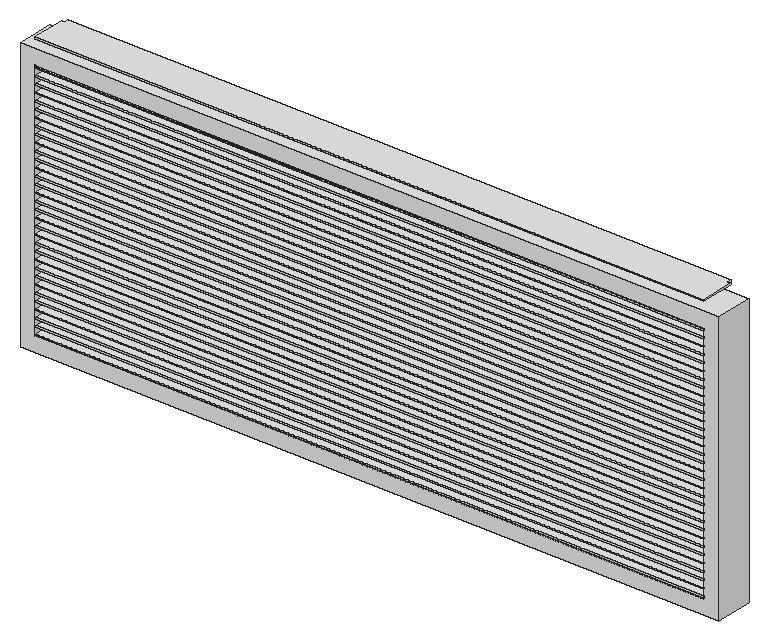
Revit family "CUBE_Решетка_РРП_Вытяжная_Эра", category Воздухораспределители, Revit 2021
Family settings
  Размер круглого соединителя = Использовать диаметр
  Тип детали = Нормальный
  Номер OmniClass = 23.75.70.21.27.11
  Заголовок OmniClass = Diffusers, Registers, and Grilles
  На основе рабочей плоскости = Нет
  Всегда вертикально = Да
  При загрузке вырезать с полостями = Нет
  Общий = Да
  Точка принадлежности помещению = Да
Parameters (values of type "фасадная решетка 900х400")
  Тип крепежа = ""
  СО_Тип, марка, обозначение документа, опросного листа = "2030РРП"
  СО_Поставщик = "«ЭРА»"  # constant formula
  СО_Наименование и техническая характеристика = "Решетка вентиляционная с регулируемым живым сечением, разъемная"  # constant formula
  СО_Ед. измерения = "шт."  # constant formula
  Отметка по умолчанию = 0 mm
  ОВ_Расход воздуха [instance] = 0.0 m³/h
  ОВ_Потеря давления воздуха [instance] = КМС * 1.2000 kg/m³ * ((V * V) / 2)  # 0.0 Pa
  О_Марка = [СО_Тип, марка, обозначение документа, опросного листа]  # "2030РРП"
  Коннектор_Ширина = 900 mm
  Коннектор_Высота = 400 mm
  КМС [instance] = 0
  Группа модели = "Элемент фасада"
  e = 20 mm  # constant formula
  Y = 325 mm
  A = 950 mm
  Description = ""
  Type Comments = ""
  Manufacturer = ""
  n = Y / 10 mm  # 33
  margins = 10 mm
  V [instance] = ОВ_Расход воздуха / Aef  # 0.0 m/s
  URL = "https://era.trade/catalog/ventilyatsionnye-reshetki/rrp-reshetka-reguliruemaya-abs/info/"
  Kж.с. = 0.3
  B = 370 mm
  X = 910 mm
  Aef = A * B * Kж.с.  # 0.10545 m²
  C = 50 mm
Types (19, lengths in mm): name | Коннектор_Ширина | Коннектор_Высота | Y | A | n | B | X | Aef
  фасадная решетка | 1000 | 300 | 425 | 1550 | 43 | 470 | 1510 | 0.21855 m²
  фасадная решетка 1400х400 | 1400 | 400 | 325 | 1450 | 33 | 370 | 1410 | 0.16095 m²
  фасадная решетка 1000х400 | 1000 | 400 | 325 | 1050 | 33 | 370 | 1010 | 0.11655 m²
  фасадная решетка 700х700 | 700 | 700 | 625 | 750 | 63 | 670 | 710 | 0.15075 m²
  фасадная решетка 1200х600 | 1200 | 600 | 525 | 1250 | 53 | 570 | 1210 | 0.21375 m²
  фасадная решетка 650х650 | 650 | 650 | 575 | 700 | 58 | 620 | 660 | 0.1302 m²
  фасадная решетка 850х850 | 850 | 850 | 775 | 900 | 78 | 820 | 860 | 0.2214 m²
  фасадная решетка 1000х500 | 1000 | 500 | 425 | 1050 | 43 | 470 | 1010 | 0.14805 m²
  фасадная решетка 750х600 | 750 | 600 | 525 | 800 | 53 | 570 | 760 | 0.1368 m²
  фасадная решетка 1200х500 | 1200 | 500 | 425 | 1250 | 43 | 470 | 1210 | 0.17625 m²
  фасадная решетка 900х400 | 900 | 400 | 325 | 950 | 33 | 370 | 910 | 0.10545 m²
  фасадная решетка 1000х350 | 1000 | 350 | 255 | 1050 | 26 | 320 | 1010 | 0.1008 m²
  фасадная решетка 950х500 | 950 | 500 | 425 | 1000 | 43 | 470 | 960 | 0.141 m²
  фасадная решетка 900х700 | 900 | 700 | 625 | 950 | 63 | 670 | 910 | 0.19095 m²
  фасадная решетка 850х450 | 850 | 450 | 375 | 900 | 38 | 420 | 860 | 0.1134 m²
  фасадная решетка 600х400 | 600 | 400 | 325 | 650 | 33 | 370 | 610 | 0.07215 m²
  фасадная решетка 950х700 | 950 | 700 | 625 | 1000 | 63 | 670 | 960 | 0.201 m²
  фасадная решетка 1000х700 | 1000 | 700 | 625 | 1050 | 63 | 670 | 1010 | 0.21105 m²
  фасадная решетка 800х600 | 800 | 600 | 525 | 850 | 53 | 570 | 810 | 0.14535 m²
Reference planes
  plane 1 "По центру (Вперед/Назад)": y = 0
  plane 2: z = 0
  plane 3 "По центру (Влево/Вправо)": x = 0
  plane 4: x = -475
  plane 5: x = 475
  plane 6: z = 347.5
  plane 7: z = 22.5
  plane 8: z = 347.5
  plane 9: z = 370
  plane 10 "Аннотации": z = 185
  plane 11: y = 50
  plane 12: y = 70
  plane 13: z = 22
  plane 14: z = 337.328
  plane 15: z = 327.156
  plane 16: z = 316.984
  plane 17: z = 306.813
  plane 18: z = 296.641
  plane 19: z = 286.469
  plane 20: z = 276.297
  plane 21: z = 266.125
  plane 22: z = 255.953
  plane 23: z = 245.781
  plane 24: y = -40
  plane 25: y = -50
  plane 26: z = 185
  plane 27: z = 235.609
  plane 28: z = 225.438
  plane 29: z = 215.266
  plane 30: z = 205.094
  plane 31: z = 194.922
  plane 32: z = 184.75
  plane 33: z = 174.578
  plane 34: z = 164.406
  plane 35: z = 154.234
  plane 36: z = 144.063
  plane 37: z = 133.891
  plane 38: z = 123.719
  plane 39: z = 113.547
  plane 40: z = 103.375
  plane 41: z = 93.203
  plane 42: z = 83.031
  plane 43: z = 72.859
  plane 44: z = 62.688
  plane 45: z = 52.516
  plane 46: z = 42.344
  plane 47: z = 32.172
  plane 48: z = 485
  plane 49: z = -80
  plane 50: x = 750
  plane 51: x = -750
  plane 52: z = 383.272
  plane 53: x = 485
  plane 54: x = -485
Forms (mm)
  Extrusion 1, solid, material "CUBE_Пластик_Белый", detail levels medium+fine
    sketch origin (0, 0, 0) x (1, 0, 0) y (0, 0, 1)
      loop
        line (-475, 370) -> (-475, 0) -> (475, 0) -> (475, 370) -> (-475, 370)
      loop
        line (-455, 350) -> (-455, 20) -> (455, 20) -> (455, 350) -> (-455, 350)
    from 0 to 50
Dimensions and locks
  equal spacing: plane 5, plane 3 "По центру (Влево/Вправо)", plane 4
  "A": plane 5 to plane 4
  "B": plane 9 to plane 2
  "Y": plane 6 to plane 7
  equal spacing: plane 6, plane 10 "Аннотации", plane 7
  equal spacing: plane 9, plane 10 "Аннотации", plane 2
  "C": plane 1 "По центру (Вперед/Назад)" to plane 11
  locked: plane 11 to plane 12 at 20
  locked: connector elem to plane 10 "Аннотации"
  equal spacing: group 1, group 3, group 4, group 5, group 6, group 7, group 8, group 9, group 10, group 11, group 12, group 13, group 14, group 15, group 16, group 17, group 18, group 19, group 20, group 21, group 22, group 23, group 24, group 25, group 26, group 27, group 28, group 29, group 30, group 31, group 32, group 33, group 2  (x2)
  equal spacing: group 2, group 33, group 32, group 31, group 30, group 29, group 28, group 27, group 26, group 25, group 24, group 23, group 22, group 21, group 20, group 19, group 18, group 17, group 16, group 15, group 14, group 13, group 12, group 11, group 10, group 9, group 8, group 7, group 6, group 5, group 4, group 3, group 1
  locked: plane 24 to plane 1 "По центру (Вперед/Назад)" at 40
  "C": plane 25 to plane 1 "По центру (Вперед/Назад)"
  "e": Extrusion 1 sketch curve to Extrusion 1 sketch curve  (x4)
  equal spacing: plane 6, plane 26, plane 7
  plane 4 to plane 5 = 950 mm
  aligned and locked: plane 6 to plane 8
  aligned and locked: Extrusion 1 sketch curve to plane 9
  aligned and locked: plane 4 to Extrusion 1 sketch curve
  aligned and locked: plane 2 to Extrusion 1 sketch curve
  aligned and locked: plane 25 to Extrusion 1
  aligned and locked: plane 26 to nested 13
  aligned and locked: plane 9 to nested 36
  aligned and locked: plane 2 to nested 36
  aligned and locked: nested 36 to plane 4
  aligned and locked: plane 5 to nested 36
Automatic sketch dimensions
  Extrusion 1 sketch curve to plane 5 = 0 mm
Nested families
  nested 1: "AL-ST_жалюзи" at (0, 0, 347.5) x (-1, 0, 0) z (0, 0, 1), l <- "X", L_2 <- "C", type "AL-ST_жалюзи", detail levels fine
    with l 910 mm, L_2 50 mm
  nested 2: "AL-ST_жалюзи" at (0, 0, 22) x (-1, 0, 0) z (0, 0, 1), l <- "X", L_2 <- "C", type "AL-ST_жалюзи", detail levels fine
    with l 910 mm, L_2 50 mm
  nested 3: "AL-ST_жалюзи" at (0, 0, 337.328) x (-1, 0, 0) z (0, 0, 1), l <- "X", L_2 <- "C", type "AL-ST_жалюзи", detail levels fine
    with l 910 mm, L_2 50 mm
  nested 4: "AL-ST_жалюзи" at (0, 0, 327.156) x (-1, 0, 0) z (0, 0, 1), l <- "X", L_2 <- "C", type "AL-ST_жалюзи", detail levels fine
    with l 910 mm, L_2 50 mm
  nested 5: "AL-ST_жалюзи" at (0, 0, 316.984) x (-1, 0, 0) z (0, 0, 1), l <- "X", L_2 <- "C", type "AL-ST_жалюзи", detail levels fine
    with l 910 mm, L_2 50 mm
  nested 6: "AL-ST_жалюзи" at (0, 0, 306.813) x (-1, 0, 0) z (0, 0, 1), l <- "X", L_2 <- "C", type "AL-ST_жалюзи", detail levels fine
    with l 910 mm, L_2 50 mm
  nested 7: "AL-ST_жалюзи" at (0, 0, 296.641) x (-1, 0, 0) z (0, 0, 1), l <- "X", L_2 <- "C", type "AL-ST_жалюзи", detail levels fine
    with l 910 mm, L_2 50 mm
  nested 8: "AL-ST_жалюзи" at (0, 0, 286.469) x (-1, 0, 0) z (0, 0, 1), l <- "X", L_2 <- "C", type "AL-ST_жалюзи", detail levels fine
    with l 910 mm, L_2 50 mm
  nested 9: "AL-ST_жалюзи" at (0, 0, 276.297) x (-1, 0, 0) z (0, 0, 1), l <- "X", L_2 <- "C", type "AL-ST_жалюзи", detail levels fine
    with l 910 mm, L_2 50 mm
  nested 10: "AL-ST_жалюзи" at (0, 0, 266.125) x (-1, 0, 0) z (0, 0, 1), l <- "X", L_2 <- "C", type "AL-ST_жалюзи", detail levels fine
    with l 910 mm, L_2 50 mm
  nested 11: "AL-ST_жалюзи" at (0, 0, 255.953) x (-1, 0, 0) z (0, 0, 1), l <- "X", L_2 <- "C", type "AL-ST_жалюзи", detail levels fine
    with l 910 mm, L_2 50 mm
  nested 12: "AL-ST_жалюзи" at (0, 0, 245.781) x (-1, 0, 0) z (0, 0, 1), l <- "X", L_2 <- "C", type "AL-ST_жалюзи", detail levels fine
    with l 910 mm, L_2 50 mm
  nested 13: "УГО_Решетки, поток (внутрь, наружу)" at (0, -40, 185) x (-1, 0, 0) z (0, 0, 1), type "УГО_Решетки, поток (внутрь, наружу)"
    with Решетка no, Поток наружу no, Поток внутрь yes, c 30 mm, b 30 mm, a 97.5 mm, L 150 mm
  nested 14: "AL-ST_жалюзи" at (0, 0, 235.609) x (-1, 0, 0) z (0, 0, 1), l <- "X", L_2 <- "C", type "AL-ST_жалюзи", detail levels fine
    with l 910 mm, L_2 50 mm
  nested 15: "AL-ST_жалюзи" at (0, 0, 225.438) x (-1, 0, 0) z (0, 0, 1), l <- "X", L_2 <- "C", type "AL-ST_жалюзи", detail levels fine
    with l 910 mm, L_2 50 mm
  nested 16: "AL-ST_жалюзи" at (0, 0, 215.266) x (-1, 0, 0) z (0, 0, 1), l <- "X", L_2 <- "C", type "AL-ST_жалюзи", detail levels fine
    with l 910 mm, L_2 50 mm
  nested 17: "AL-ST_жалюзи" at (0, 0, 205.094) x (-1, 0, 0) z (0, 0, 1), l <- "X", L_2 <- "C", type "AL-ST_жалюзи", detail levels fine
    with l 910 mm, L_2 50 mm
  nested 18: "AL-ST_жалюзи" at (0, 0, 194.922) x (-1, 0, 0) z (0, 0, 1), l <- "X", L_2 <- "C", type "AL-ST_жалюзи", detail levels fine
    with l 910 mm, L_2 50 mm
  nested 19: "AL-ST_жалюзи" at (0, 0, 184.75) x (-1, 0, 0) z (0, 0, 1), l <- "X", L_2 <- "C", type "AL-ST_жалюзи", detail levels fine
    with l 910 mm, L_2 50 mm
  nested 20: "AL-ST_жалюзи" at (0, 0, 174.578) x (-1, 0, 0) z (0, 0, 1), l <- "X", L_2 <- "C", type "AL-ST_жалюзи", detail levels fine
    with l 910 mm, L_2 50 mm
  nested 21: "AL-ST_жалюзи" at (0, 0, 164.406) x (-1, 0, 0) z (0, 0, 1), l <- "X", L_2 <- "C", type "AL-ST_жалюзи", detail levels fine
    with l 910 mm, L_2 50 mm
  nested 22: "AL-ST_жалюзи" at (0, 0, 154.234) x (-1, 0, 0) z (0, 0, 1), l <- "X", L_2 <- "C", type "AL-ST_жалюзи", detail levels fine
    with l 910 mm, L_2 50 mm
  nested 23: "AL-ST_жалюзи" at (0, 0, 144.063) x (-1, 0, 0) z (0, 0, 1), l <- "X", L_2 <- "C", type "AL-ST_жалюзи", detail levels fine
    with l 910 mm, L_2 50 mm
  nested 24: "AL-ST_жалюзи" at (0, 0, 133.891) x (-1, 0, 0) z (0, 0, 1), l <- "X", L_2 <- "C", type "AL-ST_жалюзи", detail levels fine
    with l 910 mm, L_2 50 mm
  nested 25: "AL-ST_жалюзи" at (0, 0, 123.719) x (-1, 0, 0) z (0, 0, 1), l <- "X", L_2 <- "C", type "AL-ST_жалюзи", detail levels fine
    with l 910 mm, L_2 50 mm
  nested 26: "AL-ST_жалюзи" at (0, 0, 113.547) x (-1, 0, 0) z (0, 0, 1), l <- "X", L_2 <- "C", type "AL-ST_жалюзи", detail levels fine
    with l 910 mm, L_2 50 mm
  nested 27: "AL-ST_жалюзи" at (0, 0, 103.375) x (-1, 0, 0) z (0, 0, 1), l <- "X", L_2 <- "C", type "AL-ST_жалюзи", detail levels fine
    with l 910 mm, L_2 50 mm
  nested 28: "AL-ST_жалюзи" at (0, 0, 93.203) x (-1, 0, 0) z (0, 0, 1), l <- "X", L_2 <- "C", type "AL-ST_жалюзи", detail levels fine
    with l 910 mm, L_2 50 mm
  nested 29: "AL-ST_жалюзи" at (0, 0, 83.031) x (-1, 0, 0) z (0, 0, 1), l <- "X", L_2 <- "C", type "AL-ST_жалюзи", detail levels fine
    with l 910 mm, L_2 50 mm
  nested 30: "AL-ST_жалюзи" at (0, 0, 72.859) x (-1, 0, 0) z (0, 0, 1), l <- "X", L_2 <- "C", type "AL-ST_жалюзи", detail levels fine
    with l 910 mm, L_2 50 mm
  nested 31: "AL-ST_жалюзи" at (0, 0, 62.688) x (-1, 0, 0) z (0, 0, 1), l <- "X", L_2 <- "C", type "AL-ST_жалюзи", detail levels fine
    with l 910 mm, L_2 50 mm
  nested 32: "AL-ST_жалюзи" at (0, 0, 52.516) x (-1, 0, 0) z (0, 0, 1), l <- "X", L_2 <- "C", type "AL-ST_жалюзи", detail levels fine
    with l 910 mm, L_2 50 mm
  nested 33: "AL-ST_жалюзи" at (0, 0, 42.344) x (-1, 0, 0) z (0, 0, 1), l <- "X", L_2 <- "C", type "AL-ST_жалюзи", detail levels fine
    with l 910 mm, L_2 50 mm
  nested 34: "AL-ST_жалюзи" at (0, 0, 32.172) x (-1, 0, 0) z (0, 0, 1), l <- "X", L_2 <- "C", type "AL-ST_жалюзи", detail levels fine
    with l 910 mm, L_2 50 mm
  nested 35: "AL-ST_жалюзи" at (0, 0, 383.272) x (-1, 0, 0) z (0, 0, 1), l <- "X", L_2 <- "C", type "AL-ST_жалюзи", detail levels fine
    with l 910 mm, L_2 50 mm
  nested 36: "054_Проем прямоугольный" at (475, 0, 0) x (-1, 0, 0) z (0, -1, 0), type "Проем", detail levels coarse
    with Ширина 950 mm, Отступ ширины 92.5 mm, Отступ высоты 92.5 mm, Высота 370 mm
Connectors
  hvac at (0, 0, 185), driven by "Коннектор_Высота", driven by "Коннектор_Ширина", driven by "ОВ_Расход воздуха", driven by "ОВ_Потеря давления воздуха"
    settings: on plane 1 "По центру (Вперед/Назад)", index 1, duct flow 0.0 m³/h, flow factor 0, pres drop 0.0 Pa, loss coef 0, conn angle 0.00°, conn width 900 mm, conn height 400 mm, conn diameter 609.6 mm, duct sys type 3, conn prof type 1, flow config 1, flow direction 2, loss method 4, conn ref index -1, conn util no, is conn primary yes, conn desc ""
Definition of nested family "AL-ST_жалюзи"
  Parameters (values of type "AL-ST_жалюзи")
    Default Elevation = 0 mm
    Материал = none
    l [instance] = 240 mm
    T = 2 mm
    L_2 [instance] = 20 mm
    E = 4 mm
  Reference planes
    plane 1 "По центру (Вперед/Назад)": y = 0
    plane 2: z = 0
    plane 3 "По центру (Влево/Вправо)": x = 0
    plane 4: z = 1
    plane 5: z = -1
    plane 6: x = -120
    plane 7: x = 120
    plane 8: y = 20
  Forms (mm)
    Extrusion 1, solid, material <- "Материал"
      sketch origin (0, 0, 0) x (1, 0, 0) y (0, 1, 0)
        loop
          line (-120, 0) -> (120, 0) -> (120, 20) -> (-120, 20) -> (-120, 0)
      from -1 to 1
    Extrusion 2, void
      sketch origin (0, 0, 0) x (1, 0, 0) y (0, 1, 0)
        loop
          line (-120, 0) -> (-116, 0) -> (-116, 4) -> (-120, 4) -> (-120, 0)
      from -1 to 1
    Extrusion 3, void
      sketch origin (0, 0, 0) x (1, 0, 0) y (0, 1, 0)
        loop
          line (120, 0) -> (120, 4) -> (116, 4) -> (116, 0) -> (120, 0)
      from -1 to 1
  Cuts and joins
    Extrusion 2, Extrusion 3 cuts Extrusion 1
  Dimensions and locks
    "T": plane 4 to plane 5
    equal spacing: plane 4, level, plane 5
    equal spacing: plane 7, plane 3 "По центру (Влево/Вправо)", plane 6
    "l": plane 7 to plane 6
    "L_2": plane 1 "По центру (Вперед/Назад)" to plane 8
    "E": plane 6 to Extrusion 2 sketch curve
    "E": plane 1 "По центру (Вперед/Назад)" to Extrusion 2 sketch curve
    "E": Extrusion 3 sketch curve to plane 7
    "E": plane 1 "По центру (Вперед/Назад)" to Extrusion 3 sketch curve
    aligned and locked: level to plane 2
    aligned and locked: plane 1 "По центру (Вперед/Назад)" to Extrusion 1 sketch curve
    aligned and locked: Extrusion 1 sketch curve to plane 6
    aligned and locked: plane 8 to Extrusion 1 sketch curve
    aligned and locked: plane 7 to Extrusion 1 sketch curve
    aligned and locked: Extrusion 1 to plane 5
    aligned and locked: Extrusion 1 to plane 4
    aligned and locked: Extrusion 2 sketch curve to plane 6
    aligned and locked: plane 1 "По центру (Вперед/Назад)" to Extrusion 2 sketch curve
    aligned and locked: plane 4 to Extrusion 2
    aligned and locked: Extrusion 2 to plane 5
    aligned and locked: Extrusion 3 sketch curve to plane 7
    aligned and locked: Extrusion 3 sketch curve to plane 1 "По центру (Вперед/Назад)"
    aligned and locked: plane 5 to Extrusion 3
    aligned and locked: Extrusion 3 to plane 4
Definition of nested family "УГО_Решетки, поток (внутрь, наружу)"
  Parameters (values of type "УГО_Решетки, поток (внутрь, наружу)")
    Решетка [instance] = yes
    Поток наружу [instance] = yes
    Поток внутрь [instance] = yes
    Default Elevation = 0 mm
    c [instance] = b  # 30 mm
    b [instance] = L * 0.2  # 30 mm
    a [instance] = L * 0.65  # 97.5 mm
    L [instance] = 150 mm
  Reference planes
    plane 1 "По центру (Вперед/Назад)": y = 0
    plane 2: z = 0
    plane 3 "По центру (Влево/Вправо)": x = 0
  Lines and regions (mm)
    model lines, visible <- "Решетка", detail levels coarse+medium
      curve 1: line (-74.236, 30, 0) -> (74.236, 30, 0)
    model lines, visible <- "Поток наружу"
      curve 2: line (-75, 60, 0) -> (75, 60, 0)
      curve 3: line (0, 157.5, 0) -> (-75, 60, 0)
      curve 4: line (0, 157.5, 0) -> (75, 60, 0)
    model lines, visible <- "Поток внутрь"
      curve 5: line (-75, 157.5, 0) -> (75, 157.5, 0)
      curve 6: line (0, 60, 0) -> (-75, 157.5, 0)
      curve 7: line (0, 60, 0) -> (75, 157.5, 0)
  Dimensions and locks
    "c": plane 1 "По центру (Вперед/Назад)" to curve 1
    equal spacing: curve 1, plane 3 "По центру (Влево/Вправо)", curve 1
    "L": curve 2 to curve 2
    "b": curve 2 to curve 1
    equal spacing: curve 3, plane 3 "По центру (Влево/Вправо)", curve 4
    "a": curve 2 to curve 4
    curve 6 to curve 7 = 150 mm
    "L": curve 5 to curve 5
    "a": curve 6 to curve 5
    equal spacing: curve 5, plane 3 "По центру (Влево/Вправо)", curve 5
    aligned and locked: level to plane 2
  Automatic sketch dimensions
    curve 4 to plane 3 "По центру (Влево/Вправо)" = 0 mm
    curve 6 to plane 3 "По центру (Влево/Вправо)" = 0 mm
    curve 2 to curve 1 = 0.764 mm
Definition of nested family "054_Проем прямоугольный"
  Parameters (values of type "Проем")
    Ширина [instance] = 720 mm
    Отступ ширины [instance] = Отступ высоты  # 117.5 mm
    Отступ высоты [instance] = if(or(Высота > 1000 mm, Ширина > 1000 mm), if(Высота > Ширина, Ширина / 5, Высота / 5), if(or(Высота > 500 mm, Ширина > 500 mm), if(Высота > Ширина, Ширина / 4, Высота / 4), if(Высота > Ширина, Ширина / 3, Высота / 3)))  # 117.5 mm
    Высота [instance] = 470 mm
  Reference planes
    plane 1 "По центру (Вперед/Назад)": y = 0
    plane 2: z = 0
    plane 3 "По центру (Влево/Вправо)": x = 0
    plane 4: x = 720
    plane 5: y = 470
  Lines and regions (mm)
    Filled region 1, type "Сплошная заливка - Черный", in view "Опорный уровень"
      outline origin (0, 0, 0) x (1, 0, 0) y (0, 1, 0)
        loop
          line (0, 470) -> (0, 0) -> (117.5, 352.5) -> (720, 470) -> (0, 470)
    Filled region 2, type "Сплошная заливка - Белый", in view "Опорный уровень"
      outline origin (0, 0, 0) x (1, 0, 0) y (0, 1, 0)
        loop
          line (117.5, 352.5) -> (0, 0) -> (720, 0) -> (720, 470) -> (117.5, 352.5)
    detail lines, in view "Опорный уровень"
      curve 1: line (0, 470, 0) -> (720, 470, 0)
      curve 2: line (0, 0, 0) -> (0, 470, 0)
      curve 3: line (720, 0, 0) -> (0, 0, 0)
      curve 4: line (720, 470, 0) -> (720, 0, 0)
  Dimensions and locks
    "Ширина": plane 3 "По центру (Влево/Вправо)" to plane 4
    "Высота": plane 5 to plane 1 "По центру (Вперед/Назад)"
    "Отступ ширины": plane 3 "По центру (Влево/Вправо)" to Filled region 1 sketch curve
    "Отступ высоты": plane 5 to Filled region 1 sketch curve
    aligned and locked: plane 5 to Filled region 1 sketch curve
    aligned and locked: plane 1 "По центру (Вперед/Назад)" to Filled region 1 sketch curve
    aligned and locked: plane 4 to Filled region 1 sketch curve
    aligned and locked: plane 3 "По центру (Влево/Вправо)" to Filled region 1 sketch curve
    aligned and locked: plane 3 "По центру (Влево/Вправо)" to curve 2
    aligned and locked: curve 4 to plane 4
    aligned and locked: curve 1 to plane 5
    aligned and locked: curve 3 to plane 1 "По центру (Вперед/Назад)"
    aligned and locked: Filled region 2 sketch curve to Filled region 1  (x2)
  Automatic sketch dimensions
    plane 1 "По центру (Вперед/Назад)" to Filled region 2 sketch curve = 0 mm
    Filled region 2 sketch curve to plane 4 = 0 mm
